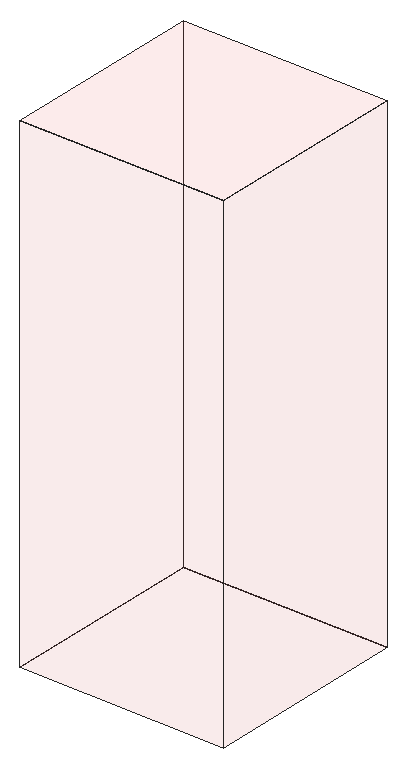
Revit family "Duct Hanger Clearance", category Generic Models, Revit 2022
Family settings
  Can host rebar = No
  Round Connector Dimension = Use Diameter
  Part Type = Normal
  Work Plane-Based = No
  Always vertical = Yes
  Cut with Voids When Loaded = No
  Maintain Annotation Orientation = No
  Shared = No
  Room Calculation Point = No
Parameters
  Length [instance] = 0' - 5"
  Width [instance] = 0' - 5"
  Height [instance] = 1' - 0"
  Default Elevation = 0' - 0"
Reference planes (in)
  plane 1 "Center (Front/Back)": y = 0
  plane 2: z = 0
  plane 3 "Center (Left/Right)": x = 0
  plane 4: x = 2.5
  plane 5: x = -2.5
  plane 6: y = 2.5
  plane 7: y = -2.5
  plane 8: z = -12
Forms (in)
  Extrusion 1, solid, material "Clearance"
    sketch origin (0, 11, 0) x (0, -1, 0) y (1, 0, 0)
      loop
        line (13.5, -2.5) -> (13.5, 2.5) -> (8.5, 2.5) -> (8.5, -2.5) -> (13.5, -2.5)
    from 0 to -12
Dimensions and locks (in)
  "Length": plane 5 to plane 4
  "Width": plane 6 to plane 7
  equal spacing: plane 5, plane 3 "Center (Left/Right)", plane 4
  equal spacing: plane 6, plane 1 "Center (Front/Back)", plane 7
  "Height": plane 2 to plane 8
  aligned and locked: plane 2 to level
  aligned and locked: Extrusion 1 to plane 8
Automatic sketch dimensions
  Extrusion 1 sketch curve to plane 5 = 0' - 0"
  Extrusion 1 sketch curve to plane 6 = 0' - 0"
  Extrusion 1 sketch curve to plane 4 = 0' - 0"
  Extrusion 1 sketch curve to plane 7 = 0' - 0"
